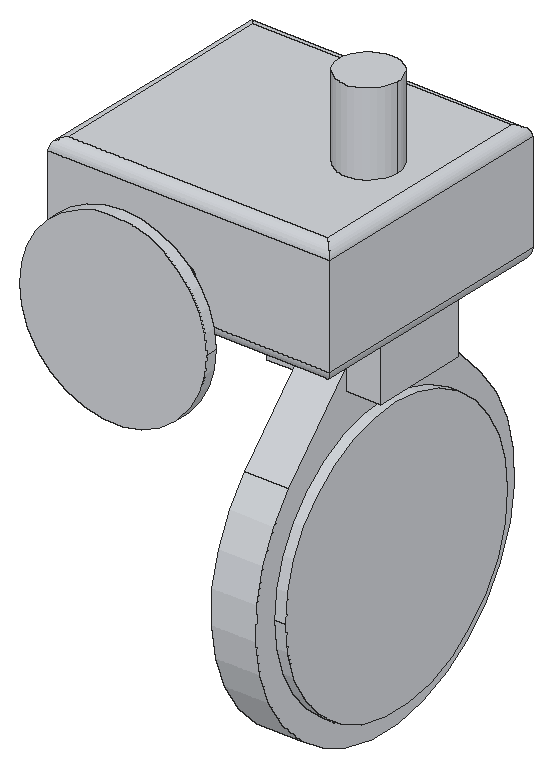
Revit family "f45215dde0474dc6a95c6f9fa1c3ac37", category Pipe Accessories, Revit 2021
Family settings
  Round Connector Dimension = Use Radius
  Part Type = Valve - Breaks Into
  OmniClass Number = 23.65.55.14.17
  OmniClass Title = Adjusting/Controlling Valves for Liquid Services
  Seek Item ID = Motor Control Valve - 8-12 Inch-0000-USA-ENU
  Work Plane-Based = No
  Always vertical = Yes
  Cut with Voids When Loaded = No
  Shared = No
Parameters (values of type "8"")
  Width 2 = Valve Radius - 0' 1 1/2"  # 0' - 5.43945"
  Width 1 = 0.3 * Valve Diameter  # 0' - 4.16367"
  Wheel Radius = Wheel Diameter * 0.5  # 0' - 4"
  Wheel Offset = 0' - 9 1/2"
  Wheel Diameter = 0' - 8"
  Valve Thickness = 0' - 2 51/128"
  Valve Radius = Valve Diameter * 0.5  # 0' - 6.93945"
  Valve Material = none
  Valve Diameter = 1' - 1 225/256"
  Text Width = 0' - 0 1/2"
  Text Height = 0' - 0 1/2"
  Symbol Width = 0.5 * Actuator Length * tan(30.00°)  # 0' - 3.49342"
  Radius 2 = 0' - 0"
  Radius 1 = Valve Radius - 0' 1"  # 0' - 5.93945"
  Nominal Radius = 4"
  Nominal Diameter = Nominal Radius * 2  # 8"
  K Coefficient = 0.46
  Height 4 = Actuator Height * 0.25  # 0' - 2.2002"
  Height 3 = 0.25 * Height 1  # 0' - 2 3/8"
  Height 2 = 0.6 * Actuator Height  # 0' - 5.28047"
  Height 1 = 0' - 9 1/2"
  Default Elevation = 0' - 0"
  Actuator Material = none
  Actuator Length = 1' - 0 13/128"
  Actuator Height = 0' - 8 205/256"
Types (4): name | Width 2 | Width 1 | Wheel Radius | Wheel Diameter | Valve Thickness | Valve Radius | Valve Diameter | Radius 1 | Nominal Radius | Nominal Diameter | K Coefficient | Height 3 | Height 1
  (no name) | 0' - 5.43945" | 0' - 4.16367" | 0' - 4" | 0' - 8" | 0' - 2 51/128" | 0' - 6.93945" | 1' - 1 225/256" | 0' - 5.93945" | 4" | 8" | 0.46 | 0' - 2 3/8" | 0' - 9 1/2"
  8" | 0' - 5.43945" | 0' - 4.16367" | 0' - 4" | 0' - 8" | 0' - 2 51/128" | 0' - 6.93945" | 1' - 1 225/256" | 0' - 5.93945" | 4" | 8" | 0.46 | 0' - 2 3/8" | 0' - 9 1/2"
  10" | 0' - 7.06055" | 0' - 5.13633" | 0' - 6" | 1' - 0" | 0' - 2 3/4" | 0' - 8.56055" | 1' - 5 31/256" | 0' - 7.56055" | 5" | 10" | 0.48 | 0' - 2 11/16" | 0' - 10 3/4"
  12" | 0' - 8 87/128" | 0' - 6.10781" | 0' - 6" | 1' - 0" | 0' - 3 5/64" | 0' - 10 23/128" | 1' - 8 23/64" | 0' - 9 23/128" | 6" | 12" | 0.42 | 0' - 3 1/16" | 1' - 0 1/4"
Reference planes (in)
  plane 1 "Center (Front/Back)": y = 0
  plane 2: z = 0
  plane 3 "Center (Left/Right)": x = 0
  plane 4: x = -1.19922
  plane 5: x = 1.19922
  plane 6: x = 0.69922
  plane 7: z = 9.5
  plane 8: z = 7.125
  plane 9: x = -2.69922
  plane 10: x = 2.19922
  plane 11: y = 2.08184
  plane 12: y = -2.08184
  plane 13: z = 14.78047
  plane 14: z = 18.30078
  plane 15: x = 2.69922
  plane 16: x = -3.35156
  plane 17: x = -9.40234
  plane 18: y = -5.43945
  plane 19: y = 5.43945
  plane 20: y = -9.5
  plane 21: z = 11.7002
  plane 22: y = -9
Forms (in)
  Sweep 1, solid, material <- "Valve Material", detail levels fine
    path origin (0, 0, 0) x (1, 0, 0) y (0, 1, 0)
      loop
        line (-1.19922, 0) -> (0.69922, 0)
    profile origin (-0.25, 0, 0) x (0, 1, 0) y (0, 0, 1)
      loop
        arc (-5.12649, 4.67709) -> (0, -6.93945) -> (5.12649, 4.67709) r 6.93945
        arc (5.12649, 4.67709) -> (3.37364, 6.43722) -> (1.78125, 8.34375) r 28.40912
        line (1.78125, 8.34375) -> (-1.78125, 8.34375)
        arc (-1.78125, 8.34375) -> (-3.37364, 6.43722) -> (-5.12649, 4.67709) r 28.40912
  Sweep 2, solid, material <- "Valve Material", detail levels fine
    path origin (0, 0, 0) x (1, 0, 0) y (0, 1, 0)
      loop
        line (0.69922, 0) -> (1.19922, 0)
    profile origin (0.94922, 0, 0) x (0, 1, 0) y (0, 0, 1)
      loop
        circle (0, 0) r 5.93945
  Extrusion 3, solid, material <- "Valve Material", detail levels fine
    sketch origin (0, 0, 0) x (1, 0, 0) y (0, 0, 1)
      loop
        line (-2.69922, 9.5) -> (-2.69922, 7.125) -> (2.19922, 7.125) -> (2.19922, 9.5) -> (-2.69922, 9.5)
    from -2.08184 to 2.08184
  Sweep 4, solid, material <- "Actuator Material", detail levels fine
    path origin (0, 0, 0) x (1, 0, 0) y (0, 1, 0)
      loop
        line (-9.40234, 5.43945) -> (-9.40234, -5.43945) -> (2.69922, -5.43945) -> (2.69922, 5.43945) -> (-9.40234, 5.43945)
    profile origin (-3.35156, 5.43945, 0) x (0, 1, 0) y (0, 0, 1)
      loop
        line (-0.5, 14.78047) -> (-5.35762, 14.78047) -> (-5.35762, 9.5) -> (-0.5, 9.5)
        arc (-0.5, 9.5) -> (-0.14645, 9.64645) -> (0, 10) r 0.5
        line (0, 10) -> (0, 14.28047)
        arc (0, 14.28047) -> (-0.14645, 14.63402) -> (-0.5, 14.78047) r 0.5
  Extrusion 5, solid, material <- "Actuator Material", detail levels fine
    sketch origin (0, 0, 0) x (1, 0, 0) y (0, 1, 0)
      loop
        line (-4.04473, 0.08184) -> (-4.04473, -0.08184) -> (-2.6584, -0.08184) -> (-2.6584, 0.08184) -> (-4.04473, 0.08184)
    from 9.5 to 14.78047
  Sweep 6, solid, material <- "Actuator Material", detail levels fine
    path origin (0, 0, 0) x (0, 1, 0) y (0, 0, 1)
      loop
        line (0, 18.30078) -> (0, 14.78047)
    profile origin (0, 0, 16.54062) x (1, 0, 0) y (0, 1, 0)
      loop
        circle (0, 0) r 1.25
  Extrusion 7, solid, material <- "Actuator Material", detail levels fine
    sketch origin (0, 0, 0) x (1, 0, 0) y (0, 0, 1)
      loop
        circle (-3.35156, 11.7002) r 0.25
    from 2.08184 to 9
  Extrusion 8, solid, material <- "Actuator Material", detail levels fine
    sketch origin (0, 0, 0) x (1, 0, 0) y (0, 0, 1)
      loop
        circle (-3.35156, 11.7002) r 4
    from 9 to 9.5
Cuts and joins
  joined: Sweep 1, Extrusion 3
  joined: Sweep 4, Extrusion 5, Sweep 6, Extrusion 7, Extrusion 8
Lines and regions (in)
  model lines, detail levels coarse+medium
    curve 1: line (-1.19922, 0.69237, 0) -> (-1.19922, -0.69237, 0)
    curve 2: line (1.19922, 0.69237, 0) -> (1.19922, -0.69237, 0)
    curve 3: line (0, 0, 0) -> (-1.19922, 0.69237, 0)
    curve 4: line (0, 0, 0) -> (-1.19922, -0.69237, 0)
    curve 5: line (0, 0, 0) -> (1.19922, 0.69237, 0)
    curve 6: line (0, 0, 0) -> (1.19922, -0.69237, 0)
    curve 7: line (0, 0, 0) -> (0, 1.12319, 0)
    curve 8: circle (0, 1.62319, 0) r 0.5 normal (0, 0, 1)
Dimensions and locks (in)
  equal spacing: plane 4, plane 3 "Center (Left/Right)", plane 5
  "Valve Thickness": plane 4 to plane 5
  locked: plane 6 to plane 5 at 0.5
  locked: level to plane 2
  "Height 1": plane 7 to plane 2
  "Height 3": plane 7 to plane 8
  locked: plane 4 to plane 9 at 1.5
  locked: plane 10 to plane 6 at 1.5
  equal spacing: plane 11, plane 1 "Center (Front/Back)", plane 12
  "Width 1": plane 11 to plane 12
  "Actuator Height": plane 14 to plane 7
  "Height 2": plane 13 to plane 7
  locked: plane 15 to plane 5 at 1.5
  equal spacing: plane 15, plane 16, plane 17
  "Actuator Length": plane 15 to plane 17
  equal spacing: plane 18, plane 1 "Center (Front/Back)", plane 19
  "Wheel Offset": plane 20 to plane 1 "Center (Front/Back)"
  "Width 2": plane 18 to plane 1 "Center (Front/Back)"
  "Height 4": plane 21 to plane 7
  locked: plane 20 to plane 22 at 0.5
  locked: connector elem to plane 2
  locked: connector elem to plane 1 "Center (Front/Back)"
  "Valve Radius": radius of Sweep 1 sketch curve
  "Radius 1": radius of Sweep 2 sketch curve
  radius of Sweep 6 sketch curve = 0' - 1 1/4"
  "Wheel Radius": radius of Extrusion 8 sketch curve
  angle curve 3 to plane 1 "Center (Front/Back)" to curve 4 = 30.00° locked, 30.00°
  angle curve 6 to plane 1 "Center (Front/Back)" to curve 5 = 30.00°, 30.00° locked
  aligned and locked: plane 4 to Sweep 1 sketch curve
  aligned and locked: plane 6 to Sweep 1 sketch curve
  aligned and locked: plane 1 "Center (Front/Back)" to Sweep 1 sketch curve  (x2)
  aligned and locked: plane 2 to Sweep 1 sketch curve
  aligned and locked: plane 1 "Center (Front/Back)" to Sweep 2 sketch curve  (x2)
  aligned and locked: plane 5 to Sweep 2 sketch curve
  aligned and locked: plane 6 to Sweep 2 sketch curve
  aligned and locked: plane 2 to Sweep 2 sketch curve
  aligned and locked: plane 9 to Extrusion 3 sketch curve
  aligned and locked: Extrusion 3 sketch curve to plane 7
  aligned and locked: plane 8 to Extrusion 3 sketch curve
  aligned and locked: Extrusion 3 sketch curve to plane 10
  aligned and locked: Extrusion 3 to plane 11
  aligned and locked: plane 12 to Extrusion 3
  aligned and locked: plane 17 to Sweep 4 sketch curve
  aligned and locked: Sweep 4 sketch curve to plane 19  (x2)
  aligned and locked: plane 18 to Sweep 4 sketch curve
  aligned and locked: Sweep 4 sketch curve to plane 15
  aligned and locked: Sweep 4 sketch curve to plane 13
  aligned and locked: plane 7 to Sweep 4 sketch curve
  aligned and locked: Extrusion 5 sketch curve to Sweep 4  (x3)
  aligned and locked: Sweep 4 to Extrusion 5 sketch curve
  aligned and locked: plane 13 to Extrusion 5
  aligned and locked: Extrusion 5 to plane 7
  aligned and locked: plane 14 to Sweep 6 sketch curve
  aligned and locked: plane 13 to Sweep 6 sketch curve
  aligned and locked: plane 1 "Center (Front/Back)" to Sweep 6 sketch curve
  aligned and locked: profile plane to plane 3 "Center (Left/Right)"
  aligned and locked: profile plane to plane 1 "Center (Front/Back)"
  aligned and locked: plane 16 to Extrusion 7 sketch curve
  aligned and locked: plane 21 to Extrusion 7 sketch curve
  aligned and locked: plane 16 to Extrusion 8 sketch curve
  aligned and locked: plane 21 to Extrusion 8 sketch curve
  aligned and locked: Extrusion 8 to plane 20
  aligned and locked: plane 22 to Extrusion 8
  aligned and locked: Extrusion 7 to Extrusion 8
  aligned and locked: Extrusion 7 to plane 12
  aligned and locked: curve 1 to plane 4
  aligned and locked: curve 2 to plane 5
  aligned and locked: plane 3 "Center (Left/Right)" to curve 7
  aligned and locked: curve 7 to curve 8
  aligned and locked: plane 3 "Center (Left/Right)" to nested 1
  aligned and locked: nested 1 to curve 8
Automatic sketch dimensions
  profile plane to Sweep 1 sketch curve = 0' - 1 25/32"
  Sweep 1 sketch curve to Sweep 1 sketch curve = 0' - 3.34524"  (x2)
  profile plane to Sweep 1 sketch curve = 2' - 0.36073"
  Sweep 1 sketch curve to profile plane = 0' - 1 25/32"
  Sweep 1 sketch curve to profile plane = 2' - 0.36073"
  Sweep 1 sketch curve to Sweep 1 sketch curve = 0' - 3.66666"
  Sweep 1 sketch curve to Sweep 1 sketch curve = 0' - 0"
  profile plane to Sweep 4 sketch curve = 0' - 0 1/2"  (x2)
  profile plane to Sweep 4 sketch curve = 0' - 5.35762"
  Sweep 6 sketch curve to plane 3 "Center (Left/Right)" = 0' - 0"
  Sweep 6 sketch curve to profile plane = 0' - 0"
  curve 3 to plane 1 "Center (Front/Back)" = 0' - 0"
  curve 7 to curve 8 = 0' - 0 1/2"
  radius of Extrusion 7 sketch curve = 0' - 0 1/4"
Nested families (in)
  nested 1: "M" at (0, 1.62319, 0), type "M", detail levels coarse+medium
Connectors (in)
  piping at (-1.19922, 0, 0), diameter 8, driven by "Nominal Radius"
    settings: on Sweep 1, index 1, connector inside diameter 8", connector length 0' - 0", flow factor 0, pipe flow 0 GPM, pressure drop 0.00 psi, fitting loss kfactor 0, connector angle 0.00°, fixture units 0, engagement length 0' - 0", angle of deflection 0.00°, flow configuration 0, flow direction 0, fitting loss method 2, system type 29, joint type 0, gender type 0, connector reference index 2, connector utility 0, adjustable connector no, is connector primary yes, connector description ""
  piping at (1.19922, 0, 0), diameter 8, driven by "Nominal Radius", driven by "K Coefficient"
    settings: on Sweep 2, index 2, connector inside diameter 8", connector length 0' - 0", flow factor 0, pipe flow 0 GPM, pressure drop 0.00 psi, fitting loss kfactor 0.46, connector angle 0.00°, fixture units 0, engagement length 0' - 0", angle of deflection 0.00°, flow configuration 0, flow direction 0, fitting loss method 2, system type 29, joint type 0, gender type 0, connector reference index 1, connector utility 0, adjustable connector no, is connector primary no, connector description ""
  electrical at (0, 0, 18.30078)
    settings: on cut or joined group of Sweep 4, Extrusion 5, Sweep 6, Extrusion 7, Extrusion 8, index 3, voltage 0 V, apparent load 0 VA, apparent load phase1 0 VA, apparent load phase2 0 VA, apparent load phase3 0 VA, power factor 1, load classification "Other", number of poles 1, system type 13, power factor state 1, is connector primary yes, connector utility no, sub classification motor no, connector description ""
Definition of nested family "M"
  Parameters
    Text Width = 0' - 1"
    Text Height = 0' - 1"
    Default Elevation = 0' - 0"
  Reference planes (in)
    plane 1 "Center (Front/Back)": y = 0
    plane 2: z = 0
    plane 3 "Center (Left/Right)": x = 0
    plane 4: y = 0.5
    plane 5: y = -0.5
    plane 6: x = -0.5
    plane 7: x = 0.5
  Lines and regions (in)
    model lines
      curve 1: line (-0.5, 0.5, 0) -> (-0.5, -0.5, 0)
      curve 2: line (-0.5, 0.5, 0) -> (0, 0, 0)
      curve 3: line (0, 0, 0) -> (0.5, 0.5, 0)
      curve 4: line (0.5, 0.5, 0) -> (0.5, -0.5, 0)
  Dimensions and locks (in)
    equal spacing: plane 6, plane 3 "Center (Left/Right)", plane 7
    equal spacing: plane 4, plane 1 "Center (Front/Back)", plane 5
    "Text Width": plane 6 to plane 7
    "Text Height": plane 4 to plane 5
    aligned and locked: curve 1 to plane 6
    aligned and locked: curve 4 to plane 7
    aligned and locked: plane 4 to curve 2
    aligned and locked: plane 5 to curve 1
    aligned and locked: plane 5 to curve 4
    aligned and locked: plane 4 to curve 4
    aligned and locked: plane 1 "Center (Front/Back)" to curve 3
  Automatic sketch dimensions
    curve 3 to plane 3 "Center (Left/Right)" = 0' - 0"
